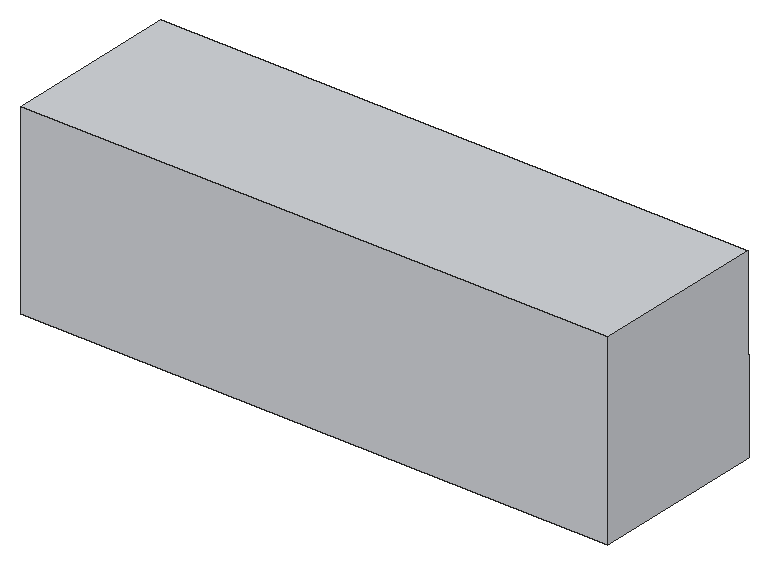
Revit family "АВЛН_Водонагреватель накопительный", category Мебель, Revit 2019
Family settings
  Номер OmniClass = 23.40.20.00
  Заголовок OmniClass = General Furniture and Specialties
  На основе рабочей плоскости = Нет
  Всегда вертикально = Да
  При загрузке вырезать с полостями = Нет
  Общий = Нет
  Точка расчета площади = Нет
Parameters (values of type "Водонагреватель накопительный")
  Описание = "Водонагреватель накопительный, V=80л,\r\n1178х353х373мм; Э1ф; 220В; 1,5кВт."
  Type Comments = ""
  Keynote = ""
  Изготовитель = "R.G.L. Италия"
  Группа модели = "Оборудование мед.блока"  # constant formula
  ADSK_Размер_Ширина = 353 mm
  ADSK_Размер_Длина = 1178 mm
  ADSK_Размер_Высота = 373 mm
  ADSK_Обозначение = "Aristin ABC PLT\r\nECO 80V"
  ADSK_Масса = 0
  ADSK_Код изделия = ""
  ADSK_Единица измерения = "шт"  # constant formula
Reference planes
  plane 1 "По центру (Вперед/Назад)": y = 0
  plane 2: z = 0
  plane 3 "По центру (Влево/Вправо)": x = 0
  plane 4: z = 373
  plane 5: y = 176.5
  plane 6: x = 589
  plane 7: x = -589
  plane 8: y = -176.5
Forms (mm)
  Extrusion 1, solid
    sketch origin (0, -518.993, 592.976) x (-1, 0, 0) y (0, -1, 0)
      loop
        line (589, -695.493) -> (589, -342.493) -> (-589, -342.493) -> (-589, -695.493) -> (589, -695.493)
    from -592.976 to -219.976
Dimensions and locks
  plane 2 to plane 4 = 373 mm
  equal spacing: plane 8, plane 1 "По центру (Вперед/Назад)", plane 5
  equal spacing: plane 7, plane 3 "По центру (Влево/Вправо)", plane 6
  "ADSK_Размер_Длина": plane 7 to plane 6
  "ADSK_Размер_Ширина": plane 5 to plane 8
  "ADSK_Размер_Высота": plane 2 to plane 4
  aligned and locked: level to plane 2
  aligned and locked: Extrusion 1 sketch curve to plane 5
  aligned and locked: plane 7 to Extrusion 1 sketch curve
  aligned and locked: Extrusion 1 sketch curve to plane 8
  aligned and locked: Extrusion 1 sketch curve to plane 6
  aligned and locked: Extrusion 1 to level
  aligned and locked: Extrusion 1 to plane 4
